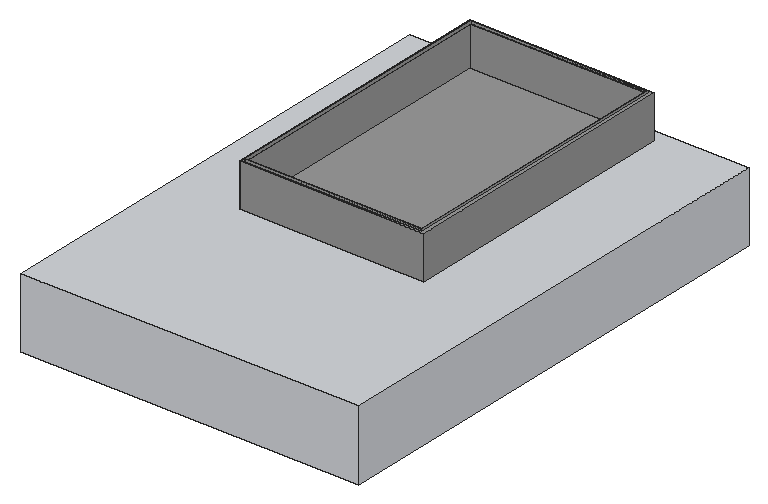
Revit family "Hager-Univers-IP30-D205-H1250-Cl.II-Encl-CH-fr", category Equipement électrique, Revit 2020
Family settings
  Hôte = Face
  Configuration du panneau = Deux colonnes, circuits au sein
  Cote de connecteur circulaire = Utiliser le diamètre
  Type d'élément = Tableau de raccordement
  Couper avec des vides une fois chargée = Non
  Partagée = Non
  Point de calcul de pièce = Non
Parameters (values of type "saillie IP30 L800 H1250 P205  - FP83Q1S")
  Width Control [instance] = if([EF000008 - largeur] > Min Width, [EF000008 - largeur], Min Width)  # 800 mm
  Commentaires du type = [HG000003 - Gamme]  # "Univers"
  Thickness Door [instance] = if([EF009171 - épaisseur de matériau de la porte/du couvercle] > 3 mm, 3 mm, [EF009171 - épaisseur de matériau de la porte/du couvercle])  # 1 mm
  Seal Frame Offset [instance] = 17 mm  # constant formula
  Plinth Visibility [instance] = [HG000027 - Hauteur du socle] > 0 mm  # no
  Model = ""
  Min Width [instance] = 100 mm  # constant formula
  Min Height [instance] = 100 mm  # constant formula
  Min Depth [instance] = (2 * [EF009170 - épaisseur de matériau du boîtier]) + 1 mm  # 3 mm
  Internal Frame Depth [instance] = (Door System Depth * 0.5)  # 9 mm
  Height Control [instance] = if([EF000040 - hauteur] > Min Height, [EF000040 - hauteur], Min Height)  # 1250 mm
  HG000027 - Hauteur du socle = 0 mm
  HG000026 - Installation au sol = no
  HG000024 - Hauteur de la section basse = 800 mm
  HG000023 - Armoire double section = no
  HG000016 - Visibilité de la porte 3D [instance] = yes
  HG000015 - Visibilité de l'emprise de la porte [instance] = no
  HG000014 - Porte à droite [instance] = yes
  HG000013 - Porte à gauche [instance] = not([HG000014 - Porte à droite])  # no
  HG000012 - Angle de pivotement de la porte [instance] = 30.00°
  HG000010 - Portes asymétriques = no
  HG000009 - Porte à double battant = no
  HG000006 - Encastré = no
  HG000004 - Référence fabricant = "FP83Q1S"
  HG000003 - Gamme = "Univers"
  HG000002 - avec porte = no
  Frame Offset Bottom [instance] = 10 mm  # constant formula
  Frame Offset [instance] = 15 mm  # constant formula
  EF015940 - couvercle avec décharge de pression = no
  EF011959 - degré de protection (NEMA) = ""
  EF009554 - nombre d'ouvertures pour plaques à bride = 6
  Fabricant = "Hager"  # constant formula
  EF009212 - finition du couvercle = "EV009916 - avec échancrure"
  EF009171 - épaisseur de matériau de la porte/du couvercle = 1 mm
  EF009170 - épaisseur de matériau du boîtier = 1 mm
  EF008873 - courant nominal (In) = 250 A
  EF007800 - adapté à un parafoudre = no
  EF006306 - avec serrure = no
  EF006244 - couvercle/porte transparent(e) = no
  EF005474 - indice de protection (IP) = "EV006410 - IP30"
  EF004464 - type de porte = "EV000494 - sans"
  EF004427 - nombre de modules = 288
  EF004293 - indice de protection contre les chocs (IK) = "EV006813 - IK07"
  EF003532 - convient pour utilisation à l’extérieur = no
  EF002950 - largeur en nombre de modules = 36
  EF001613 - maintien de fonction = "EV000494 - sans"
  EF001596 - matériau du boîtier/corps = "EV000179 - acier"
  EF001131 - profondeur intérieure = 130 mm
  EF001088 - possibilité de montage en saillie = yes
  EF000437 - nombre d'entrées de conduit = 6
  EF000339 - type de capot = "EV000494 - sans"
  EF000266 - nombre de rangées = 8
  EF000218 - profondeur d'encastrement = 0 mm
  EF000118 - avec cadre/support de montage = no
  EF000116 - numéro RAL = "9010"
  EF000049 - profondeur = 205 mm
  EF000040 - hauteur = 1250 mm
  EF000008 - largeur = 800 mm
  EF000007 - couleur = "EV000202 - blanc"
  EF000003 - mode de pose = "EV000384 - saillie"
  Door System Leaf Tolerance [instance] = 1.5 mm  # constant formula
  Door System Depth [instance] = 18 mm  # constant formula
  Door Height [instance] = Height Control - [HG000027 - Hauteur du socle]  # 1250 mm
  Depth Control [instance] = if([EF000049 - profondeur] > Min Depth, [EF000049 - profondeur], Min Depth)  # 205 mm
  Default Elevation = 0 mm
  Connector Offset [instance] = Height Control / 2  # 625 mm
  Bottom Top Plate Trim [instance] = 1.5 mm  # constant formula
  Plinth height Ctrl [instance] = if([HG000027 - Hauteur du socle] > 0 mm, [HG000027 - Hauteur du socle], 12 mm)  # 12 mm
Types (5, lengths in mm): name | Width Control | HG000004 - Référence fabricant | EF009554 - nombre d'ouvertures pour plaques à bride | EF004427 - nombre de modules | EF002950 - largeur en nombre de modules | EF000437 - nombre d'entrées de conduit | EF000008 - largeur
  saillie IP30 L1050 H1250 P205  - FP84Q1S | 1050 | "FP84Q1S" | 8 | 384 | 48 | 8 | 1050
  saillie IP30 L1300 H1250 P205  - FP85Q1S | 1300 | "FP85Q1S" | 10 | 480 | 60 | 10 | 1300
  saillie IP30 L300 H1250 P205  - FP81Q1S | 300 | "FP81Q1S" | 2 | 96 | 12 | 2 | 300
  saillie IP30 L550 H1250 P205  - FP82Q1S | 550 | "FP82Q1S" | 4 | 192 | 24 | 4 | 550
  saillie IP30 L800 H1250 P205  - FP83Q1S | 800 | "FP83Q1S" | 6 | 288 | 36 | 6 | 800
Reference planes
  plane 1 "Center (Front/Back)": y = 0
  plane 2: z = 0
  plane 3 "Center (Left/Right)": x = 0
  plane 4: z = 205
  plane 5: y = 1
  plane 6: y = 625
  plane 7: y = 0
  plane 8: y = 1250
  plane 9: z = 0
  plane 10: x = -385
  plane 11: x = 385
  plane 12: x = 384
  plane 13: x = -384
  plane 14: y = 1249
  plane 15: x = -383
  plane 16: x = -400
  plane 17: x = 383
  plane 18: x = 400
  plane 19: x = 399
  plane 20: x = -399
  plane 21: y = 11
  plane 22: y = 1250
  plane 23: y = 1234
  plane 24: z = 187
  plane 25: z = 1
  plane 26: z = 186
  plane 27: z = 204
Forms (mm)
  Extrusion 1, solid
    sketch origin (0, 0, 0) x (1, 0, 0) y (0, 1, 0)
      loop
        line (-702.964, 1305) -> (-702.964, -811.445) -> (766.763, -811.445) -> (766.763, 1305) -> (-702.964, 1305)
    from 0 to -304.8
  Extrusion 2, solid, material "Hager_Steel_RAL7035_Light_Grey", visible <- "Plinth Visibility", detail levels medium+fine
    sketch origin (0, 0, 0) x (1, 0, 0) y (0, 1, 0)
      loop
        line (-400, 0) -> (400, 0) -> (400, 12) -> (-400, 12) -> (-400, 0)
    from 0 to 187
  Extrusion 3, solid, material "Hager_Steel_RAL7035_Light_Grey", detail levels medium+fine
    sketch origin (0, 0, 0) x (1, 0, 0) y (0, 1, 0)
      loop
        line (-400, 0) -> (400, 0) -> (400, 1250) -> (-400, 1250) -> (-400, 0)
    from 0 to 187
  Extrusion 4, void
    sketch origin (0, 0, 0) x (1, 0, 0) y (0, 1, 0)
      loop
        line (-399, 1) -> (399, 1) -> (399, 1249) -> (-399, 1249) -> (-399, 1)
    from 1 to 186
  Extrusion 5, void
    sketch origin (-381.607, -4572, 187) x (0, -1, 0) y (-1, 0, 0)
      loop
        line (-4583, 2.393) -> (-5806, 2.393) -> (-5806, -765.607) -> (-4583, -765.607) -> (-4583, 2.393)
    from 0 to 1 <- "EF009170 - épaisseur de matériau du boîtier"
  Extrusion 6, solid, material "Hager_Steel_RAL7035_Light_Grey", detail levels fine
    sketch origin (0, 0, 187) x (1, 0, 0) y (0, 1, 0)
      loop
        line (-384, 1234) -> (-384, 11) -> (384, 11) -> (384, 1234) -> (-384, 1234)
      loop
        line (-385, 10) -> (385, 10) -> (385, 1235) -> (-385, 1235) -> (-385, 10)
    from 0 to 9 <- "Internal Frame Depth"
  Extrusion 7, solid, material "Hager_Steel_RAL7035_Light_Grey", detail levels coarse
    sketch origin (0, 0, 0) x (1, 0, 0) y (0, 1, 0)
      loop
        line (-400, 0) -> (400, 0) -> (400, 1250) -> (-400, 1250) -> (-400, 0)
    from 0 to 205
  Sweep 8, void
    path in 3D
      loop
        line (-400, 12, 0) -> (400, 12, 0) -> (400, 12, 187) -> (-400, 12, 187) -> (-400, 12, 0)
    profile origin (-400, 12, 93.5) x (-1, 0, 0) y (0, -1, 0)
      loop
        line (0, 0) -> (0, 1.5) -> (-1.5, 1.5)
        arc (-1.5, 1.5) -> (-1.061, 0.439) -> (0, 0) r 1.5
Cuts and joins
  Extrusion 4, Extrusion 5 cuts Extrusion 3
  Sweep 8 cuts Extrusion 2
Lines and regions (mm)
  Masking region 1
    outline origin (0, 0, 0) x (1, 0, 0) y (0, 0, 1)
      loop
        line (-400, 205) -> (-400, 0) -> (400, 0) -> (400, 205) -> (-400, 205)
  Masking region 2, detail levels medium+fine
    outline origin (0, 140, 0) x (0, 1, 0) y (0, 0, 1)
      loop
        line (-140, 0) -> (1110, 0) -> (1110, 187) -> (-140, 187) -> (-140, 0)
  Masking region 3, not visible, detail levels medium+fine
    outline origin (0, 297.922, 0) x (0, 1, 0) y (0, 0, 1)
      loop
        line (338.578, 0) -> (378.578, 0) -> (378.578, 194)
        arc (378.578, 194) -> (375.649, 201.071) -> (368.578, 204) r 10
        line (368.578, 204) -> (338.578, 204) -> (338.578, 0)
  Masking region 4, detail levels coarse
    outline origin (0, 0, 180) x (0, 1, 0) y (0, 0, 1)
      loop
        line (0, -180) -> (1250, -180) -> (1250, 25) -> (0, 25) -> (0, -180)
  Masking region 5, visible <- "Plinth Visibility", detail levels medium+fine
    outline origin (0, 52.24, 12.345) x (0, 0, -1) y (0, 1, 0)
      loop
        line (10.845, -40.24) -> (-173.155, -40.24)
        arc (-173.155, -40.24) -> (-173.594, -41.301) -> (-174.655, -41.74) r 1.5
        line (-174.655, -41.74) -> (-174.655, -52.24) -> (12.345, -52.24) -> (12.345, -41.74)
        arc (12.345, -41.74) -> (11.285, -41.301) -> (10.845, -40.24) r 1.5
  Masking region 6, detail levels medium+fine
    outline origin (-381.607, -4572, 187) x (-1, 0, 0) y (0, -1, 0)
      loop
        line (18.393, -5822) -> (18.393, -4572) -> (-781.607, -4572) -> (-781.607, -5822) -> (18.393, -5822)
  Masking region 7, visible <- "Plinth Visibility", detail levels medium+fine
    outline origin (-381.607, -4727, 187) x (-1, 0, 0) y (0, -1, 0)
      loop
        arc (16.893, -4739) -> (17.332, -4737.939) -> (18.393, -4737.5) r 1.5
        line (18.393, -4737.5) -> (18.393, -4727) -> (-781.607, -4727) -> (-781.607, -4737.5)
        arc (-781.607, -4737.5) -> (-780.546, -4737.939) -> (-780.107, -4739) r 1.5
        line (-780.107, -4739) -> (16.893, -4739)
  Masking region 8, detail levels coarse
    outline origin (-442.548, -4669.526, 187) x (-1, 0, 0) y (0, -1, 0)
      loop
        line (-42.548, -5919.526) -> (-42.548, -4669.526) -> (-842.548, -4669.526) -> (-842.548, -5919.526) -> (-42.548, -5919.526)
  sketch lines
    curve 1: line (-400, 12, 187) -> (-400, 12, 0)
    curve 2: line (400, 12, 187) -> (-400, 12, 187)
    curve 3: line (400, 12, 187) -> (400, 12, 0)
    curve 4: line (-400, 12, 0) -> (400, 12, 0)
Dimensions and locks
  "Depth Control": plane 4 to Extrusion 1
  "HG000027 - Hauteur du socle": plane 1 "Center (Front/Back)" to plane 7
  "EF009170 - épaisseur de matériau du boîtier": plane 5 to plane 7
  locked: connector elem to plane 3 "Center (Left/Right)"
  equal spacing: plane 8, plane 6, plane 7
  locked: connector elem to plane 6
  "EF009170 - épaisseur de matériau du boîtier": plane 8 to plane 14
  "EF009170 - épaisseur de matériau du boîtier": plane 10 to plane 13
  "EF009170 - épaisseur de matériau du boîtier": plane 12 to plane 11
  "Frame Offset": plane 20 to plane 13
  "Frame Offset": plane 12 to plane 19
  "EF009170 - épaisseur de matériau du boîtier": plane 16 to plane 20
  "EF009170 - épaisseur de matériau du boîtier": plane 19 to plane 18
  "Seal Frame Offset": plane 16 to plane 15
  "Seal Frame Offset": plane 17 to plane 18
  "Frame Offset Bottom": plane 21 to plane 5
  "Frame Offset": plane 14 to plane 23
  equal spacing: plane 16, plane 3 "Center (Left/Right)", plane 18
  "Width Control": plane 16 to plane 18
  "EF009170 - épaisseur de matériau du boîtier": plane 4 to plane 27
  "EF009170 - épaisseur de matériau du boîtier": plane 24 to plane 26
  "EF009170 - épaisseur de matériau du boîtier": plane 25 to level
  "Door System Depth": plane 4 to plane 24
  "Height Control": plane 1 "Center (Front/Back)" to Extrusion 7 sketch curve
  "Height Control": Masking region 4 sketch curve to plane 1 "Center (Front/Back)"
  "Height Control": plane 1 "Center (Front/Back)" to plane 22
  "Bottom Top Plate Trim": profile plane to Sweep 8 sketch curve
  "Bottom Top Plate Trim": Sweep 8 sketch curve to profile plane
  "Plinth height Ctrl": plane 1 "Center (Front/Back)" to Extrusion 2 sketch curve
  "Plinth height Ctrl": Masking region 5 sketch curve to plane 1 "Center (Front/Back)"
  "Plinth height Ctrl": plane 1 "Center (Front/Back)" to Masking region 7 sketch curve
  "Thickness Door": Extrusion 6 sketch curve to Extrusion 6 sketch curve  (x3)
  "Thickness Door": cut or joined group of Extrusion 3, Extrusion 4, Extrusion 5 to Extrusion 6 sketch curve
  radius of Masking region 3 sketch curve = 10 mm
  "Bottom Top Plate Trim": radius of Masking region 5 sketch curve  (x2)
  "Bottom Top Plate Trim": radius of Sweep 8 sketch curve
  "Bottom Top Plate Trim": radius of Masking region 7 sketch curve  (x2)
  aligned and locked: plane 2 to Extrusion 1
  aligned and locked: level to Extrusion 1
  aligned and locked: level to Masking region 1 sketch curve
  aligned and locked: Masking region 1 sketch curve to plane 18
  aligned and locked: Masking region 1 sketch curve to plane 16
  aligned and locked: plane 7 to Masking region 2 sketch curve
  aligned and locked: level to Masking region 3 sketch curve
  aligned and locked: Masking region 3 sketch curve to plane 27
  aligned and locked: level to Masking region 2 sketch curve
  aligned and locked: plane 1 "Center (Front/Back)" to Extrusion 2 sketch curve
  aligned and locked: Extrusion 3 sketch curve to plane 7
  aligned and locked: plane 16 to Extrusion 3 sketch curve
  aligned and locked: plane 18 to Extrusion 3 sketch curve
  aligned and locked: plane 20 to Extrusion 4 sketch curve
  aligned and locked: plane 19 to Extrusion 4 sketch curve
  aligned and locked: Extrusion 4 sketch curve to plane 5
  aligned and locked: Extrusion 4 to plane 25
  aligned and locked: plane 26 to Extrusion 4
  aligned and locked: plane 24 to Extrusion 3
  aligned and locked: Extrusion 5 sketch curve to plane 21
  aligned and locked: Extrusion 5 sketch curve to plane 13
  aligned and locked: Extrusion 5 sketch curve to plane 12
  aligned and locked: plane 18 to Extrusion 7 sketch curve
  aligned and locked: plane 1 "Center (Front/Back)" to Extrusion 7 sketch curve
  aligned and locked: plane 16 to Extrusion 7 sketch curve
  aligned and locked: plane 4 to Extrusion 7
  aligned and locked: Extrusion 7 to level
  aligned and locked: level to Masking region 4 sketch curve
  aligned and locked: Masking region 4 sketch curve to plane 1 "Center (Front/Back)"
  aligned and locked: Masking region 4 sketch curve to plane 4
  aligned and locked: nested 1 to level
  aligned and locked: nested 1 to plane 16
  aligned and locked: plane 8 to Extrusion 3 sketch curve
  aligned and locked: plane 23 to Extrusion 5 sketch curve
  aligned and locked: plane 14 to Extrusion 4 sketch curve
  aligned and locked: Masking region 2 sketch curve to plane 8
  aligned and locked: level to Masking region 5 sketch curve
  aligned and locked: plane 16 to Extrusion 2 sketch curve
  aligned and locked: plane 18 to Extrusion 2 sketch curve
  aligned and locked: Masking region 5 sketch curve to plane 24
  aligned and locked: Masking region 2 sketch curve to plane 24
  aligned and locked: plane 24 to Extrusion 2
  aligned and locked: profile plane to Sweep 8 sketch curve  (x2)
  aligned and locked: Masking region 6 sketch curve to plane 18
  aligned and locked: Masking region 6 sketch curve to plane 22
  aligned and locked: Masking region 6 sketch curve to plane 16
  aligned and locked: plane 8 to plane 22
  aligned and locked: Masking region 6 sketch curve to plane 7
  aligned and locked: Masking region 7 sketch curve to plane 16
  aligned and locked: Masking region 7 sketch curve to plane 1 "Center (Front/Back)"
  aligned and locked: Masking region 7 sketch curve to plane 18
  aligned and locked: Masking region 8 sketch curve to plane 1 "Center (Front/Back)"
  aligned and locked: Masking region 8 sketch curve to plane 18
  aligned and locked: Masking region 8 sketch curve to plane 22
  aligned and locked: Masking region 8 sketch curve to plane 16
  aligned and locked: nested 2 to plane 7
  aligned and locked: plane 3 "Center (Left/Right)" to nested 2
  aligned and locked: nested 2 to plane 24
  aligned and locked: Extrusion 6 sketch curve to cut or joined group of Extrusion 3, Extrusion 4, Extrusion 5  (x4)
Automatic sketch dimensions
  Extrusion 1 sketch curve to Extrusion 1 sketch curve = 1469.727 mm
  Extrusion 1 sketch curve to Extrusion 1 sketch curve = 2116.445 mm
  Masking region 1 sketch curve to plane 4 = 0 mm
  plane 6 to Masking region 3 sketch curve = 11.5 mm
  Masking region 3 sketch curve to Masking region 3 sketch curve = 30 mm
  Masking region 5 sketch curve to plane 1 "Center (Front/Back)" = 0 mm
Nested families
  nested 1: "Hager_Enclosure_Symbol" at (-400, 0, 0) x (1, 0, 0) z (0, -1, 0), Height <- "Depth Control", Width <- "Width Control", type "Hager_Enclosure_Symbol"
    with Width_Ctrl 800 mm, Width 800 mm, Height_Ctrl 205 mm, Height 205 mm, A_Width_Int 13.453 mm, A_Width 161.438 mm, A_Height_Ctrl 179.375 mm, A_Height 179.375 mm
  nested 2: "EC000058_Univers_Door" at (0, 0, 187) x (1, 0, 0) z (0, 1, 0), Leaf_Tolerance <- "Door System Leaf Tolerance", Angle <- "HG000012 - Angle de pivotement de la porte", Door_Depth <- "Door System Depth", Door_Left <- "HG000013 - Porte à gauche", Transparent <- "EF006244 - couvercle/porte transparent(e)", Assymetrical <- "HG000010 - Portes asymétriques", Width <- "Width Control", Clearance <- "HG000015 - Visibilité de l'emprise de la porte", Double <- "HG000009 - Porte à double battant", 3d_Door <- "HG000016 - Visibilité de la porte 3D", Lock_Visibility <- "EF006306 - avec serrure", Width_Ctrl <- "Width Control", Door_Right <- "HG000014 - Porte à droite", Door <- "HG000002 - avec porte", Height <- "Door Height", Thickness <- "Thickness Door", type "EC000058_Univers_Door", detail levels medium+fine
    with min_wh 3 mm, Width_Ctrl 800 mm, Width 800 mm, Transparent no, Thickness 1 mm, Seal_Material Hager_Rubber, Lock_Visibility no, Lock_Material Hager_Plastic_RAL9005_Jet_Black, Leaf_Width 800 mm, Leaf_Tolerance_External_Sides 0 mm, Leaf_Tolerance 1.5 mm, Leaf_Offset 0 mm, Leaf_Height 1247 mm, Leaf_2_Width 800 mm, Leaf_2_Offset 400 mm, Leaf_1_Width 800 mm, Leaf_1_Offset 400 mm, Height_Ctrl 1250 mm, Height 1250 mm, Glass_Material Hager_Glass, Double_Clearance_Ctrl no, Double no, Door_Right_Ctrl no, Door_Right yes, Door_Material Hager_Steel_RAL7035_Light_Grey, Door_Left_Ctrl no, Door_Left no, Door_Depth 18 mm, Door no, Clearance_Material Hager_Clearance, Clearance_Depth 800 mm, Clearance_Ctrl no, Clearance no, Assymetrical no, Angle 30.00°, 3d_Door yes
Connectors
  electrical at (0, 625, 0)
    settings: on plane 9, index 1, voltage 0 V, apparent load 0 VA, apparent load phase1 0 VA, apparent load phase2 0 VA, apparent load phase3 0 VA, power factor 1, load classification "Other", number of poles 1, system type 30, power factor state 1, is connector primary yes, connector utility no, sub classification motor no, connector description ""
Definition of nested family "Hager_Enclosure_Symbol"
  Parameters (values of type "Hager_Enclosure_Symbol")
    Width_Ctrl [instance] = if(Width > 1 mm, Width, 1 mm)  # 102.27 mm
    Width [instance] = 102.27 mm
    Height_Ctrl [instance] = if(Height > 1 mm, Height, 1 mm)  # 66.5 mm
    A_Width_Int [instance] = if(A_Width / 12 > 2 mm, A_Width / 12, 2 mm)  # 4.364 mm
    A_Width [instance] = if(A_Height_Ctrl * 0.9 > 2 mm, A_Height_Ctrl * 0.9, 2 mm)  # 52.369 mm
    A_Height_Ctrl [instance] = if(A_Height > 2 mm, A_Height, 2 mm)  # 58.188 mm
    Height [instance] = 66.5 mm
    A_Height [instance] = Height - (Height / 8)  # 58.188 mm
  Reference planes
    plane 1 "Centre (avant/arrière)": y = 0
    plane 2: z = 0
    plane 3 "Centre (gauche/droite)": x = 0
    plane 4: x = 52.369
    plane 5: y = 33.042
    plane 6: y = 41.77
    plane 7: y = 66.5
    plane 8: x = 26.184
    plane 9: y = 37.406
    plane 10: x = 102.27
    plane 11: y = 66.5
    plane 12: y = 8.313
  Lines and regions (mm)
    Filled region 1, type "Solid_Black", in view "Niveau de réf."
      outline origin (0, 0, 0) x (1, 0, 0) y (0, 1, 0)
        loop
          line (52.369, 66.5) -> (33.188, 54.536) -> (45.365, 45.006) -> (52.369, 66.5)
    Filled region 2, type "Solid_Black", in view "Niveau de réf."
      outline origin (0, 0, 0) x (1, 0, 0) y (0, 1, 0)
        loop
          line (0, 0) -> (102.27, 0) -> (102.27, 66.5) -> (0, 0)
    detail lines, in view "Niveau de réf."
      curve 1: line (0, 8.313, 0) -> (26.184, 41.77, 0)
      curve 2: line (26.184, 41.77, 0) -> (26.184, 33.042, 0)
      curve 3: line (26.184, 33.042, 0) -> (52.369, 66.5, 0)
  Dimensions and locks
    "A_Width": plane 3 "Centre (gauche/droite)" to plane 4
    equal spacing: plane 3 "Centre (gauche/droite)", plane 8, plane 4
    equal spacing: plane 6, plane 9, plane 5
    equal spacing: curve 3, Filled region 1 sketch curve, Filled region 1 sketch curve
    "Height_Ctrl": plane 1 "Centre (avant/arrière)" to plane 11
    "A_Height_Ctrl": plane 11 to plane 12
    equal spacing: plane 11, plane 9, plane 12
    "A_Width_Int": plane 6 to plane 9
    "Width_Ctrl": plane 3 "Centre (gauche/droite)" to plane 10
    angle Filled region 1 sketch curve to curve 3 = 20.00°
    angle curve 3 to Filled region 1 sketch curve = 20.00°
    locked: curve 3 to Filled region 1 sketch curve (angle 90.00°)
    aligned and locked: plane 10 to Filled region 2
    aligned and locked: plane 11 to Filled region 2 sketch curve
    aligned and locked: plane 10 to Filled region 2 sketch curve
    aligned and locked: plane 3 "Centre (gauche/droite)" to curve 1
    aligned and locked: plane 12 to curve 1
    aligned and locked: plane 7 to plane 11
  Automatic sketch dimensions
    Filled region 1 sketch curve to plane 4 = 0 mm
    Filled region 1 sketch curve to plane 7 = 0 mm
    plane 1 "Centre (avant/arrière)" to Filled region 2 sketch curve = 0 mm
    Filled region 2 sketch curve to plane 3 "Centre (gauche/droite)" = 0 mm
    curve 2 to plane 6 = 0 mm
    curve 2 to plane 8 = 0 mm
    curve 3 to plane 4 = 0 mm
    curve 2 to plane 5 = 0 mm
    curve 3 to plane 7 = 0 mm
Definition of nested family "EC000058_Univers_Door"
  Parameters (values of type "EC000058_Univers_Door")
    min_wh [instance] = (2 * Thickness) + 1 mm  # 11 mm
    Width_Ctrl [instance] = 400 mm
    Width [instance] = 500 mm
    Transparent [instance] = yes
    Thickness [instance] = 5 mm
    Seal_Material [instance] = none
    Lock_Visibility [instance] = yes
    Lock_Material [instance] = none
    Leaf_Width [instance] = if((Width_Ctrl - 2 * Leaf_Tolerance_External_Sides) > 0 mm, (Width_Ctrl - 2 * Leaf_Tolerance_External_Sides), min_wh)  # 400 mm
    Leaf_Tolerance_External_Sides [instance] = 0 mm  # constant formula
    Leaf_Tolerance [instance] = 1.5 mm
    Leaf_Offset [instance] = 0 mm  # constant formula
    Leaf_Height [instance] = if((Height_Ctrl - 2 * Leaf_Tolerance) > 0 mm, (Height_Ctrl - 2 * Leaf_Tolerance), min_wh)  # 497 mm
    Leaf_2_Width [instance] = if(and(and(Double, Assymetrical), Door_Left), (Leaf_Width / 3) - (Leaf_Tolerance / 2), if(and(and(Double, Assymetrical), Door_Right), (Leaf_Width / 3) * 2 - (Leaf_Tolerance / 2), if(and(Double, not(Assymetrical)), (Leaf_Width / 2) - Leaf_Tolerance, Leaf_Width)))  # 400 mm
    Leaf_2_Offset [instance] = if(and(Double, Assymetrical), Leaf_2_Width / 2, if(and(Double, not(Assymetrical)), Leaf_Width / 4, Leaf_Width / 2))  # 200 mm
    Leaf_1_Width [instance] = if(and(and(Double, Assymetrical), Door_Right), (Leaf_Width / 3) - (Leaf_Tolerance / 2), if(and(and(Double, Assymetrical), Door_Left), (Width / 3) * 2 - (Leaf_Tolerance / 2), if(and(Double, not(Assymetrical)), (Leaf_Width / 2) - Leaf_Tolerance, Leaf_Width)))  # 400 mm
    Leaf_1_Offset [instance] = if(and(Double, Assymetrical), Leaf_1_Width / 2, if(and(Double, not(Assymetrical)), Leaf_Width / 4, Leaf_Width / 2))  # 200 mm
    Height_Ctrl [instance] = if(Height > min_wh, Height, min_wh)  # 500 mm
    Height [instance] = 500 mm
    Glass_Material [instance] = none
    Double_Clearance_Ctrl [instance] = and(Double, Clearance)  # no
    Double [instance] = no
    Door_Right_Ctrl [instance] = and(or(Door_Right, Double), Door)  # yes
    Door_Right [instance] = yes
    Door_Material [instance] = none
    Door_Left_Ctrl [instance] = and(or(Door_Left, Double), Door)  # no
    Door_Left [instance] = no
    Door_Depth [instance] = 30 mm
    Door [instance] = yes
    Default Elevation = 1219.2 mm
    Clearance_Material [instance] = none
    Clearance_Depth [instance] = if(Leaf_1_Width > Leaf_2_Width, Leaf_1_Width, Leaf_2_Width)  # 400 mm
    Clearance_Ctrl [instance] = and(not(Double), Clearance)  # yes
    Clearance [instance] = yes
    Assymetrical [instance] = yes
    Angle [instance] = 30.00°
    3d_Door [instance] = yes
  Reference planes
    plane 1 "Center (Front/Back)": y = 0
    plane 2 "Bottom": z = 0
    plane 3 "Center (Left/Right)": x = 0
    plane 4: z = 500
    plane 5: x = -200
    plane 6: x = 200
    plane 7: z = 500
    plane 8: x = -200
    plane 9: z = 0
    plane 10: x = 200
    plane 11: y = 0
    plane 12: z = 1.5
    plane 13: x = -600
    plane 14: y = -400
    plane 15: x = 600
    plane 16: x = 0
    plane 17: x = 0
    plane 18: x = -200
    plane 19: x = 200
    plane 20: z = 498.5
  Forms (mm)
    Extrusion 1, solid, material <- "Clearance_Material", visible <- "Double_Clearance_Ctrl"
      sketch origin (1200, 0, 0) x (1, 0, 0) y (0, 0, -1)
        loop
          line (-1800, -498.5) -> (-600, -498.5) -> (-600, 0) -> (-1800, 0) -> (-1800, -498.5)
      from 0 to -400
  Dimensions and locks
    equal spacing: plane 5, plane 3 "Center (Left/Right)", plane 6
    "Width_Ctrl": plane 5 to plane 6
    "Leaf_Offset": plane 5 to plane 8
    "Leaf_Offset": plane 6 to plane 10
    "Leaf_Offset": plane 9 to level
    "Leaf_Offset": plane 4 to plane 7
    "Height_Ctrl": plane 4 to level
    "Leaf_Tolerance": plane 12 to plane 9
    locked: plane 11 to plane 1 "Center (Front/Back)"
    "Leaf_1_Offset": plane 18 to plane 16
    "Leaf_2_Offset": plane 17 to plane 19
    "Leaf_1_Width": plane 13 to plane 8
    "Leaf_2_Width": plane 10 to plane 15
    "Clearance_Depth": plane 14 to plane 1 "Center (Front/Back)"
    "Leaf_Tolerance_External_Sides": plane 8 to plane 18
    "Leaf_Tolerance_External_Sides": plane 19 to plane 10
    "Leaf_Tolerance": plane 7 to plane 20
    aligned and locked: level to plane 2 "Bottom"
    aligned and locked: nested 1 to plane 16
    aligned and locked: nested 2 to plane 17
    aligned and locked: Extrusion 1 to plane 13
    aligned and locked: plane 15 to Extrusion 1
    aligned and locked: Extrusion 1 to plane 14
    aligned and locked: plane 12 to nested 1
    aligned and locked: nested 2 to plane 12
    aligned and locked: Extrusion 1 to plane 11
    aligned and locked: plane 20 to Extrusion 1
    aligned and locked: nested 2 to plane 11
    aligned and locked: nested 1 to plane 11
  Automatic sketch dimensions
    Extrusion 1 sketch curve to level = 0 mm
    plane 5 to Extrusion 1 sketch curve = 400 mm
    plane 6 to Extrusion 1 sketch curve = 400 mm
    Extrusion 1 sketch curve to plane 4 = 1.5 mm
  Nested families
    nested 1: "EC000058_Univers_Door_Leaf" at (0, 0, 1.5), Width <- "Leaf_1_Width", visible <- "Door_Left_Ctrl", Leaf_Height <- "Leaf_Height", Angle <- "Angle", 3d_Door <- "3d_Door", Transparent <- "Transparent", Clearance Material <- "Clearance_Material", Clearance <- "Clearance_Ctrl", Door_Material <- "Door_Material", Glass_Material <- "Glass_Material", Door_Depth <- "Door_Depth", Lock_Material <- "Lock_Material", Seal_Material <- "Seal_Material", Lock_Visibility <- "Lock_Visibility", Thickness <- "Thickness", type "EC000058_Univers_Door_Leaf"
      with Width 400 mm, Transparent_Glass_Offset 30 mm, Transparent_Ctrl yes, Transparent yes, Thickness 5 mm, Standard no, Seal_Material none, Seal_D2 8 mm, Seal_D1 1 mm, Offset_Internal_Frame 10 mm, Lock_Width 20 mm, Lock_Visibility_3d yes, Lock_Visibility yes, Lock_Thickness_3 3 mm, Lock_Thickness_2 1 mm, Lock_Thickness_1 3 mm, Lock_Radius_Offset_2 16 mm, Lock_Radius_Offset_1 15 mm, Lock_Radius_2 5 mm, Lock_Radius 6 mm, Lock_Offset 5 mm, Lock_Material none, Lock_Height 80 mm, Lock_Cover_Top_Offset_2d 17 mm, Lock_Cover_Height -65 mm, Leaf_Height 497 mm, Internal_Seal_Thickness 8 mm, Internal_Seal_Depth_2 4.5 mm, Internal_Frame_Depth 25 mm, Glass_Thickness -1 mm, Glass_Offset -2 mm, Glass_Material none, Door_Material none, Door_Depth 30 mm, Clearance Material none, Clearance yes, Angle_Ctrl 30.00°, Angle 30.00°, 3d_Door yes
    nested 2: "EC000058_Univers_Door_Leaf" at (0, 0, 1.5) x (-1, 0, 0) z (0, 0, 1), Width <- "Leaf_2_Width", visible <- "Door_Right_Ctrl", Leaf_Height <- "Leaf_Height", Angle <- "Angle", 3d_Door <- "3d_Door", Transparent <- "Transparent", Clearance Material <- "Clearance_Material", Clearance <- "Clearance_Ctrl", Door_Material <- "Door_Material", Glass_Material <- "Glass_Material", Door_Depth <- "Door_Depth", Lock_Material <- "Lock_Material", Seal_Material <- "Seal_Material", Lock_Visibility <- "Lock_Visibility", Thickness <- "Thickness", type "EC000058_Univers_Door_Leaf"
      with Width 400 mm, Transparent_Glass_Offset 30 mm, Transparent_Ctrl yes, Transparent yes, Thickness 5 mm, Standard no, Seal_Material none, Seal_D2 8 mm, Seal_D1 1 mm, Offset_Internal_Frame 10 mm, Lock_Width 20 mm, Lock_Visibility_3d yes, Lock_Visibility yes, Lock_Thickness_3 3 mm, Lock_Thickness_2 1 mm, Lock_Thickness_1 3 mm, Lock_Radius_Offset_2 16 mm, Lock_Radius_Offset_1 15 mm, Lock_Radius_2 5 mm, Lock_Radius 6 mm, Lock_Offset 5 mm, Lock_Material none, Lock_Height 80 mm, Lock_Cover_Top_Offset_2d 17 mm, Lock_Cover_Height -65 mm, Leaf_Height 497 mm, Internal_Seal_Thickness 8 mm, Internal_Seal_Depth_2 4.5 mm, Internal_Frame_Depth 25 mm, Glass_Thickness -1 mm, Glass_Offset -2 mm, Glass_Material none, Door_Material none, Door_Depth 30 mm, Clearance Material none, Clearance yes, Angle_Ctrl 30.00°, Angle 30.00°, 3d_Door yes
  Definition of nested family "EC000058_Univers_Door_Leaf"
    Parameters (values of type "EC000058_Univers_Door_Leaf")
      Width [instance] = 2000 mm
      Transparent_Glass_Offset [instance] = 30 mm
      Transparent_Ctrl [instance] = and(Transparent, [3d_Door])  # yes
      Transparent [instance] = yes
      Thickness [instance] = 5 mm
      Standard [instance] = and(not(Transparent), [3d_Door])  # no
      Seal_Material [instance] = none
      Seal_D2 [instance] = 8 mm  # constant formula
      Seal_D1 [instance] = 1 mm  # constant formula
      Offset_Internal_Frame [instance] = 10 mm  # constant formula
      Lock_Width [instance] = 20 mm  # constant formula
      Lock_Visibility_3d [instance] = and(Lock_Visibility, [3d_Door])  # yes
      Lock_Visibility [instance] = yes
      Lock_Thickness_3 [instance] = 3 mm  # constant formula
      Lock_Thickness_2 [instance] = 1 mm  # constant formula
      Lock_Thickness_1 [instance] = 3 mm  # constant formula
      Lock_Radius_Offset_2 [instance] = Lock_Radius_Offset_1 + 1 mm  # 16 mm
      Lock_Radius_Offset_1 [instance] = 15 mm  # constant formula
      Lock_Radius_2 [instance] = Lock_Radius - 1 mm  # 5 mm
      Lock_Radius [instance] = 6 mm  # constant formula
      Lock_Offset [instance] = 5 mm  # constant formula
      Lock_Material [instance] = none
      Lock_Height [instance] = 80 mm  # constant formula
      Lock_Cover_Top_Offset_2d [instance] = Lock_Radius_Offset_2 + 1 mm  # 17 mm
      Lock_Cover_Height [instance] = -(Lock_Height - Lock_Radius_Offset_1)  # -65 mm
      Leaf_Height [instance] = 2720.336 mm
      Internal_Seal_Thickness [instance] = 8 mm  # constant formula
      Internal_Seal_Depth_2 [instance] = 4.5 mm  # constant formula
      Internal_Frame_Depth [instance] = if(Door_Depth - Thickness > 5 mm, Door_Depth - Thickness, 5 mm)  # 25 mm
      Glass_Thickness [instance] = if(Thickness > 15 mm, Glass_Offset + 10 mm, -1 mm)  # -1 mm
      Glass_Offset [instance] = if(Thickness > 15 mm, -(Thickness + 10 mm) / 2, -2 mm)  # -2 mm
      Glass_Material [instance] = none
      Door_Material [instance] = none
      Door_Depth [instance] = 30 mm
      Default Elevation = 0 mm
      Clearance Material [instance] = none
      Clearance [instance] = yes
      Angle_Ctrl [instance] = if(Angle > 180.00°, 180.00°, Angle)  # 90.00°
      Angle [instance] = 90.00°
      3d_Door [instance] = yes
    Reference planes
      plane 1 "Center (Front/Back)": y = 0
      plane 2: z = 0
      plane 3 "Center (Left/Right)": x = 0
      plane 4: y = 2000
      plane 5: x = -1000
      plane 6: x = 1000
      plane 7: x = -3000
      plane 8: z = 2720.336
      plane 9: z = 30
      plane 10: z = 2690.336
      plane 11: x = 970
      plane 12: x = -970
      plane 13: y = -3
      plane 14: z = 107.833
      plane 15: y = -5
      plane 16: y = -223.314
      plane 17: x = -1000
      plane 18: z = 1360.168
      plane 19: y = 30
    Forms (mm)
      Extrusion 1, solid, material <- "Clearance Material", visible <- "Clearance"
        sketch origin (0, 0, 0) x (1, 0, 0) y (0, 0, 1)
          loop
            line (-3000, 2720.336) -> (-3000, 0) -> (1000, 0) -> (1000, 2720.336) -> (-3000, 2720.336)
        from 0 to -2000
      Extrusion 2, solid, material <- "Door_Material", visible <- "Standard", detail levels medium+fine
        sketch origin (-1000, 0, 0) x (0, 1, 0) y (-1, 0, 0)
          loop
            line (0, 30) -> (0, 25) -> (2000, 25) -> (2000, 30) -> (0, 30)
        from 0 to 2720.336 <- "Leaf_Height"
      Extrusion 3, solid, material <- "Door_Material", visible <- "Transparent_Ctrl", detail levels medium+fine
        sketch origin (-1000, 0, 0) x (0, 1, 0) y (-1, 0, 0)
          loop
            line (0, 25) -> (2000, 25) -> (2000, 30) -> (0, 30) -> (0, 25)
        from 0 to 2720.336 <- "Leaf_Height"
      Extrusion 4, void
        sketch origin (-1025, 2000, 0) x (0, 1, 0) y (0, 0, -1)
          loop
            line (-30, -2690.336) -> (-30, -30) -> (-1970, -30) -> (-1970, -2690.336) -> (-30, -2690.336)
        from 0 to 5 <- "Thickness"
      Sweep 5, solid, material <- "Seal_Material", visible <- "Transparent_Ctrl", detail levels fine
        path in 3D
          loop
            line (-1025, 30, 30) -> (-1025, 30, 2690.336) -> (-1025, 1970, 2690.336) -> (-1025, 1970, 30) -> (-1025, 30, 30)
        profile origin (-1025, 1000, 30) x (1, 0, 0) y (0, 0, 1)
          loop
            line (0, 0) -> (0, -8) -> (1, -8) -> (1, 0) -> (0, 0)
      Extrusion 6, solid, material <- "Glass_Material", visible <- "Transparent_Ctrl", detail levels medium+fine
        sketch origin (-1030, 0, 0) x (0, 1, 0) y (0, 0, -1)
          loop
            line (1970, -2690.336) -> (1970, -30) -> (30, -30) -> (30, -2690.336) -> (1970, -2690.336)
        from -2 <- "Glass_Offset" to -1 <- "Glass_Thickness"
      Extrusion 7, solid, material <- "Door_Material", visible <- "3d_Door", detail levels medium+fine
        sketch origin (-1025, 2000, 0) x (0, -1, 0) y (0, 0, -1)
          loop
            line (0, -2720.336) -> (2000, -2720.336) -> (2000, 0) -> (0, 0) -> (0, -2720.336)
          loop
            line (1995, -5) -> (5, -5) -> (5, -2715.336) -> (1995, -2715.336) -> (1995, -5)
        from 0 to 25 <- "Internal_Frame_Depth"
      Sweep 8, solid, material <- "Seal_Material", visible <- "Transparent_Ctrl", detail levels fine
        path in 3D
          loop
            line (-1025, 0, 0) -> (-1025, 2000, 0) -> (-1025, 2000, 2720.336) -> (-1025, 0, 2720.336) -> (-1025, 0, 0)
        profile origin (-1025, 0, 1360.168) x (1, 0, 0) y (0, 1, 0)
          loop
            line (0, 10) -> (2.975, 10)
            arc (2.975, 10) -> (4.053, 10.447) -> (4.5, 11.525) r 1.525
            line (4.5, 11.525) -> (4.5, 16.527)
            arc (4.5, 16.527) -> (4.069, 17.569) -> (3.027, 18) r 1.473
            line (3.027, 18) -> (0, 18) -> (0, 10)
      Extrusion 9, solid, material <- "Lock_Material", visible <- "Lock_Visibility_3d", detail levels fine
        sketch origin (-1030, 0, 0) x (0, 1, 0) y (0, 0, -1)
          loop
            arc (1993.5, -1400.168) -> (1994.561, -1399.729) -> (1995, -1398.668) r 1.5
            line (1995, -1398.668) -> (1995, -1320.168) -> (1975, -1320.168) -> (1975, -1398.668)
            arc (1975, -1398.668) -> (1975.439, -1399.729) -> (1976.5, -1400.168) r 1.5
            line (1976.5, -1400.168) -> (1993.5, -1400.168)
        from 3 <- "Lock_Thickness_1" to 0
      Blend 10, solid, material <- "Lock_Material", visible <- "Lock_Visibility_3d", detail levels fine
        base sketch origin (-1033, 0, 0) x (0, 1, 0) y (0, 0, -1)
          loop
            line (1975, -1320.168) -> (1975, -1398.668)
            arc (1975, -1398.668) -> (1975.439, -1399.729) -> (1976.5, -1400.168) r 1.5
            line (1976.5, -1400.168) -> (1993.5, -1400.168)
            arc (1993.5, -1400.168) -> (1994.561, -1399.729) -> (1995, -1398.668) r 1.5
            line (1995, -1398.668) -> (1995, -1320.168) -> (1975, -1320.168)
        top sketch origin (-1033, 0, 0) x (0, 1, 0) y (0, 0, -1)
          loop
            line (1976, -1320.168) -> (1976, -1398.668)
            arc (1976, -1398.668) -> (1976.146, -1399.022) -> (1976.5, -1399.168) r 0.5
            line (1976.5, -1399.168) -> (1993.5, -1399.168)
            arc (1993.5, -1399.168) -> (1993.854, -1399.022) -> (1994, -1398.668) r 0.5
            line (1994, -1398.668) -> (1994, -1320.168) -> (1976, -1320.168)
        from 0 to 1 <- "Lock_Thickness_2"
      Blend 11, solid, material <- "Lock_Material", visible <- "Lock_Visibility_3d", detail levels fine
        base sketch origin (-1034, 0, 0) x (0, 1, 0) y (0, 0, -1)
          loop
            line (1978, -1320.168) -> (1978, -1384.168)
            arc (1978, -1384.168) -> (1985, -1391.168) -> (1992, -1384.168) r 7
            line (1992, -1384.168) -> (1992, -1320.168) -> (1978, -1320.168)
        top sketch origin (-1034, 0, 0) x (0, 1, 0) y (0, 0, -1)
          loop
            line (1991, -1320.168) -> (1979, -1320.168) -> (1979, -1383.168)
            arc (1979, -1383.168) -> (1985, -1389.168) -> (1991, -1383.168) r 6
            line (1991, -1383.168) -> (1991, -1320.168)
        from 0 to 3 <- "Lock_Thickness_3"
      Extrusion 12, solid, material <- "Lock_Material", visible <- "Lock_Visibility_3d", detail levels fine
        sketch origin (-1030, 1975, 1320.168) x (1, 0, 0) y (0, -1, 0)
          loop
            line (-7, -19) -> (-7, -1) -> (0, -1) -> (0, 0) -> (-8, 0) -> (-8, -20) -> (0, -20) -> (0, -19) -> (-7, -19)
        from 0 to -65 <- "Lock_Cover_Height"
      Extrusion 13, void
        sketch origin (-1038, 1995, 1320.168) x (-1, 0, 0) y (0, 0, -1)
          loop
            line (-5, -65) -> (0, -65) -> (-5, -60) -> (-5, -65)
        from 0 to 20 <- "Lock_Width"
      Extrusion 14, void
        sketch origin (-1038, 1975, 1320.168) x (0, -1, 0) y (0, 0, -1)
          loop
            circle (-10, -15.995) r 6
          loop
            circle (-10, -15.995) r 5
        from 0 to 2
      Extrusion 15, solid, material <- "Lock_Material", visible <- "Lock_Visibility_3d", detail levels medium
        sketch origin (-1030, 0, 0) x (0, 1, 0) y (0, 0, -1)
          loop
            arc (1993.5, -1400.168) -> (1994.561, -1399.729) -> (1995, -1398.668) r 1.5
            line (1995, -1398.668) -> (1995, -1320.168) -> (1975, -1320.168) -> (1975, -1398.668)
            arc (1975, -1398.668) -> (1975.439, -1399.729) -> (1976.5, -1400.168) r 1.5
            line (1976.5, -1400.168) -> (1993.5, -1400.168)
        from 8 to 0
    Cuts and joins
      Extrusion 4 cuts Extrusion 3
      Extrusion 13, Extrusion 14 cuts Extrusion 9
      Extrusion 14 cuts Blend 11
      Extrusion 13, Extrusion 14 cuts Extrusion 12
      joined: Extrusion 9, Blend 10, Blend 11, Extrusion 12
      Extrusion 14 cuts Extrusion 15
    Lines and regions (mm)
      Masking region 1, visible <- "Lock_Visibility", detail levels fine
        outline origin (0, 0, 0) x (0, 1, 0) y (0, 0, 1)
          loop
            line (30, 1320.168) -> (33, 1320.168) -> (33, 1400.168) -> (30, 1400.168) -> (30, 1320.168)
      Masking region 2, visible <- "Lock_Visibility", detail levels fine
        outline origin (0, 3.143, 0) x (0, 1, 0) y (0, 0, 1)
          loop
            line (29.857, 1354.168) -> (30.857, 1354.168) -> (30.857, 1366.168) -> (29.857, 1366.168) -> (29.857, 1354.168)
      Masking region 3, detail levels medium+fine
        outline origin (0, 0, 0) x (0, 1, 0) y (0, 0, 1)
          loop
            line (0, 0) -> (30, 0) -> (30, 2720.336) -> (0, 2720.336) -> (0, 0)
      Masking region 4, detail levels medium+fine
        outline origin (0, 0, 0) x (1, 0, 0) y (0, 0, 1)
          loop
            line (-1000, 2720.336) -> (-1000, 0) -> (1000, 0) -> (1000, 2720.336) -> (-1000, 2720.336)
      Masking region 5, visible <- "Lock_Visibility", detail levels fine
        outline origin (-47.116, 0, 0) x (1, 0, 0) y (0, 0, 1)
          loop
            arc (1024.616, 1399.168) -> (1023.556, 1398.729) -> (1023.116, 1397.668) r 1.5
            line (1023.116, 1397.668) -> (1023.116, 1320.168) -> (1041.116, 1320.168) -> (1041.116, 1397.668)
            arc (1041.116, 1397.668) -> (1040.677, 1398.729) -> (1039.616, 1399.168) r 1.5
            line (1039.616, 1399.168) -> (1024.616, 1399.168)
      Masking region 6, visible <- "Lock_Visibility", detail levels medium+fine
        outline origin (-25, 0, 0) x (1, 0, 0) y (0, 0, 1)
          loop
            arc (1001.5, 1400.168) -> (1000.439, 1399.729) -> (1000, 1398.668) r 1.5
            line (1000, 1398.668) -> (1000, 1320.168) -> (1020, 1320.168) -> (1020, 1398.668)
            arc (1020, 1398.668) -> (1019.561, 1399.729) -> (1018.5, 1400.168) r 1.5
            line (1018.5, 1400.168) -> (1001.5, 1400.168)
      Masking region 7, visible <- "Lock_Visibility", detail levels fine
        outline origin (-73.735, 0, 0) x (1, 0, 0) y (0, 0, 1)
          loop
            line (1051.735, 1382.168) -> (1065.735, 1382.168) -> (1065.735, 1384.168)
            arc (1065.735, 1384.168) -> (1058.735, 1391.168) -> (1051.735, 1384.168) r 7
            line (1051.735, 1384.168) -> (1051.735, 1382.168)
      Masking region 8, visible <- "Lock_Visibility", detail levels fine
        outline origin (-73.735, 0, 0) x (1, 0, 0) y (0, 0, 1)
          loop
            line (1052.735, 1382.168) -> (1064.735, 1382.168) -> (1064.735, 1383.168)
            arc (1064.735, 1383.168) -> (1058.735, 1389.168) -> (1052.735, 1383.168) r 6
            line (1052.735, 1383.168) -> (1052.735, 1382.168)
      Masking region 9, visible <- "Lock_Visibility", detail levels fine
        outline origin (-25, 0, 0) x (1, 0, 0) y (0, 0, 1)
          loop
            line (1020, 1320.168) -> (1020, 1382.168) -> (1000, 1382.168) -> (1000, 1320.168) -> (1020, 1320.168)
      Masking region 10, detail levels medium+fine
        outline origin (0, 0, 0) x (1, 0, 0) y (0, 0, 1)
          loop
            circle (985, 1335.144) r 6
      Masking region 11, detail levels fine
        outline origin (0, 0, 0) x (1, 0, 0) y (0, 0, 1)
          loop
            circle (985, 1335.144) r 5
      Masking region 12, visible <- "Lock_Visibility", detail levels fine
        outline origin (0, 12.767, 0) x (0, 1, 0) y (0, 0, 1)
          loop
            line (20.233, 1320.168) -> (21.233, 1320.168) -> (21.233, 1399.168) -> (20.233, 1400.168) -> (20.233, 1320.168)
      Masking region 13, visible <- "Lock_Visibility", detail levels fine
        outline origin (0, 13.767, -10) x (0, 1, 0) y (0, 0, 1)
          loop
            line (20.233, 1330.168) -> (23.233, 1330.168) -> (23.233, 1399.168) -> (20.233, 1402.168) -> (20.233, 1330.168)
      Masking region 14, visible <- "Lock_Visibility", detail levels fine
        outline origin (0, 12.767, -10) x (0, 1, 0) y (0, 0, 1)
          loop
            line (20.233, 1330.168) -> (25.233, 1330.168) -> (25.233, 1399.305) -> (20.233, 1394.305) -> (20.233, 1330.168)
      Masking region 15, visible <- "Lock_Visibility", detail levels medium
        outline origin (0, 0, 0) x (0, 1, 0) y (0, 0, 1)
          loop
            line (30, 1320.168) -> (38, 1320.168) -> (38, 1400.168) -> (30, 1400.168) -> (30, 1320.168)
      Masking region 16, visible <- "Lock_Visibility", detail levels fine
        outline origin (-1000, 0, 0) x (0, 1, 0) y (-1, 0, 0)
          loop
            line (1975, 30) -> (1995, 30) -> (1995, 38) -> (1975, 38) -> (1975, 30)
          loop
            line (1979, 37) -> (1976, 37) -> (1976, 34) -> (1978, 34) -> (1979, 37)
          loop
            line (1994, 37) -> (1991, 37) -> (1992, 34) -> (1994, 34) -> (1994, 37)
      Masking region 17, visible <- "Lock_Visibility", detail levels medium
        outline origin (-1000, 0, 0) x (0, 1, 0) y (-1, 0, 0)
          loop
            line (1975, 30) -> (1995, 30) -> (1995, 38) -> (1975, 38) -> (1975, 30)
      symbolic lines
        curve 1: line (1000, 0, 0) -> (-3000, 0, 0)
        curve 2: arc (1000, 0, 0) -> (-1000, 2000, 0) -> (-3000, 0, 0) r 2000
        curve 4: line (-1030, 0, 0) -> (-1030, 2000, 0)
      reference lines
        curve 3: line (-1000, 0, 0) -> (-1000, 2000, 0)
      symbolic lines, detail levels medium+fine
        curve 5: line (-1030, 2000, 0) -> (-1025, 2000, 0)
        curve 7: line (-1025, 0, 0) -> (-1030, 0, 0)
        curve 8: line (-1025, 0, 0) -> (-1000, 0, 0)
        curve 9: line (-1000, 0, 0) -> (-1000, 2000, 0)
        curve 10: line (-1000, 2000, 0) -> (-1025, 2000, 0)
      symbolic lines, detail levels fine
        curve 6: line (-1025, 2000, 0) -> (-1025, 0, 0)
      sketch lines
        curve 11: line (-1025, 0, 2720.336) -> (-1025, 0, 0)
        curve 12: line (-1025, 2000, 0) -> (-1025, 0, 0)
        curve 13: line (-1025, 2000, 2720.336) -> (-1025, 2000, 0)
        curve 14: line (-1025, 0, 2720.336) -> (-1025, 2000, 2720.336)
        curve 15: line (-1025, 1970, 30) -> (-1025, 30, 30)
        curve 16: line (-1025, 30, 30) -> (-1025, 30, 2690.336)
        curve 17: line (-1025, 1970, 2690.336) -> (-1025, 1970, 30)
        curve 18: line (-1025, 30, 2690.336) -> (-1025, 1970, 2690.336)
      symbolic lines, visible <- "Transparent", detail levels medium+fine
        curve 19: line (-970, 0, 2690.336) -> (970, 0, 2690.336)
        curve 20: line (-970, 0, 30) -> (-970, 0, 2690.336)
        curve 21: line (970, 0, 30) -> (-970, 0, 30)
        curve 22: line (970, 0, 2690.336) -> (970, 0, 30)
    Dimensions and locks
      "Width": plane 1 "Center (Front/Back)" to plane 4
      equal spacing: plane 5, plane 3 "Center (Left/Right)", plane 6
      "Width": plane 5 to plane 6
      "Width": plane 7 to plane 5
      "Leaf_Height": plane 8 to level
      "Width": curve 5 to curve 3
      "Width": curve 3 to curve 3
      plane 8 to plane 10 = 30 mm
      plane 9 to level = 30 mm
      plane 12 to plane 5 = 30 mm
      plane 6 to plane 11 = 30 mm
      Extrusion 1 to Extrusion 4 sketch curve = 30 mm
      "Transparent_Glass_Offset": curve 3 to Extrusion 4 sketch curve
      "Transparent_Glass_Offset": Extrusion 4 sketch curve to cut or joined group of Extrusion 3, Extrusion 4  (x2)
      cut or joined group of Extrusion 3, Extrusion 4 to Extrusion 6 sketch curve = 30 mm
      "Transparent_Glass_Offset": cut or joined group of Extrusion 3, Extrusion 4 to Extrusion 4 sketch curve
      "Thickness": curve 6 to curve 4
      "Thickness": Extrusion 7 sketch curve to Extrusion 7 sketch curve  (x4)
      "Door_Depth": curve 4 to curve 3
      "Offset_Internal_Frame": profile plane to Sweep 8 sketch curve
      "Internal_Seal_Thickness": Sweep 8 sketch curve to Sweep 8 sketch curve
      "Internal_Seal_Depth_2": profile plane to Sweep 8 sketch curve
      "Seal_D1": profile plane to Sweep 5 sketch curve
      "Seal_D2": profile plane to Sweep 5 sketch curve
      "Thickness": Extrusion 2 sketch curve to Extrusion 2 sketch curve
      equal spacing: Extrusion 9 sketch curve, plane 18, Extrusion 9 sketch curve  (x2)
      equal spacing: Masking region 1 sketch curve, plane 18, Masking region 1 sketch curve
      "Lock_Height": Masking region 1 sketch curve to Masking region 1 sketch curve
      "Lock_Radius": Masking region 2 sketch curve to plane 18 to Masking region 2 sketch curve
      Masking region 2 sketch curve to Masking region 1 = 1 mm
      "Door_Depth": plane 19 to plane 1 "Center (Front/Back)"
      "Lock_Thickness_1": Masking region 1 sketch curve to plane 19
      "Lock_Width": Extrusion 9 sketch curve to Extrusion 9 sketch curve
      "Lock_Height": Extrusion 9 sketch curve to Extrusion 9 sketch curve
      "Lock_Offset": cut or joined group of Extrusion 3, Extrusion 4 to Extrusion 9 sketch curve
      equal spacing: plane 8, plane 18, level
      "Lock_Radius_Offset_1": Blend 11 sketch curve to Blend 10
      locked: Blend 10 to Blend 11 sketch curve at 2  (x2)
      locked: var sketch to Blend 11 sketch curve at 1  (x2)
      "Lock_Radius_Offset_2": Blend 11 sketch curve to Blend 10
      locked: Extrusion 12 sketch curve to Extrusion 12 sketch curve at 1  (x3)
      Masking region 6 sketch curve to Masking region 6 sketch curve = 80 mm
      "Lock_Height": Masking region 6 sketch curve to Masking region 6 sketch curve
      "Lock_Width": Masking region 6 sketch curve to Masking region 6 sketch curve
      locked: Masking region 6 to Masking region 5 sketch curve at 1  (x3)
      locked: Masking region 5 to Masking region 7 sketch curve at 2  (x2)
      "Lock_Radius_Offset_1": Masking region 5 to Masking region 7 sketch curve
      "Lock_Radius_Offset_2": Masking region 5 to Masking region 8 sketch curve
      locked: Masking region 7 to Masking region 8 sketch curve at 1  (x2)
      "Lock_Cover_Top_Offset_2d": Masking region 5 to Masking region 9 sketch curve
      equal spacing: Masking region 9, Masking region 10 sketch curve, Masking region 9
      equal spacing: Masking region 9, Masking region 11 sketch curve, Masking region 9
      Extrusion 15 sketch curve to Extrusion 15 sketch curve = 80 mm
      "Lock_Width": Extrusion 15 sketch curve to Extrusion 15 sketch curve
      "Lock_Height": Extrusion 15 sketch curve to Extrusion 15 sketch curve
      equal spacing: Extrusion 15 sketch curve, plane 18, Extrusion 15 sketch curve
      "Lock_Thickness_3": Masking region 13 sketch curve to Masking region 13 sketch curve
      "Lock_Height": Masking region 12 sketch curve to Masking region 12 sketch curve
      locked: Masking region 13 sketch curve to Masking region 1 at 8
      locked: Masking region 14 sketch curve to Masking region 13 at 1
      locked: Masking region 14 sketch curve to Masking region 1 at 10.863
      "Lock_Height": Masking region 15 sketch curve to Masking region 15 sketch curve
      "Lock_Offset": Extrusion 15 sketch curve to cut or joined group of Extrusion 3, Extrusion 4
      "Lock_Offset": plane 6 to Masking region 6 sketch curve
      radius of Sweep 8 sketch curve = 1.525 mm
      radius of Sweep 8 sketch curve = 1.473 mm
      radius of Extrusion 9 sketch curve = 1.5 mm  (x2)
      "Lock_Radius": radius of Extrusion 14 sketch curve
      "Lock_Radius_2": radius of Extrusion 14 sketch curve
      "Lock_Radius": radius of Masking region 10 sketch curve
      "Lock_Radius_2": radius of Masking region 11 sketch curve
      radius of Extrusion 15 sketch curve = 1.5 mm  (x2)
      "Angle_Ctrl": angle plane 1 "Center (Front/Back)" to curve 3
      locked: Masking region 12 sketch curve to Masking region 12 sketch curve (angle 45.00°)
      locked: Masking region 13 sketch curve to Masking region 13 sketch curve (angle 45.00°)
      locked: Masking region 14 sketch curve to Masking region 14 sketch curve (angle 45.00°)
      aligned and locked: level to plane 2
      aligned and locked: Extrusion 1 to curve 1
      aligned and locked: plane 6 to Extrusion 1
      aligned and locked: Extrusion 1 to plane 1 "Center (Front/Back)"
      aligned and locked: plane 4 to Extrusion 1
      aligned and locked: plane 8 to Extrusion 1
      aligned and locked: curve 7 to Extrusion 2 sketch curve
      aligned and locked: curve 5 to Extrusion 2 sketch curve
      aligned and locked: curve 7 to Extrusion 3 sketch curve
      aligned and locked: Extrusion 3 sketch curve to curve 4
      aligned and locked: Extrusion 3 sketch curve to curve 6
      aligned and locked: Extrusion 3 sketch curve to curve 5
      aligned and locked: curve 9 to curve 3
      aligned and locked: Extrusion 7 sketch curve to cut or joined group of Extrusion 3, Extrusion 4  (x4)
      aligned and locked: plane 17 to curve 3
      aligned and locked: plane 1 "Center (Front/Back)" to curve 3
      aligned and locked: plane 17 to plane 5
      aligned and locked: Sweep 8 sketch curve to profile plane
      aligned and locked: Sweep 5 sketch curve to profile plane  (x2)
      aligned and locked: Masking region 1 to Masking region 2 sketch curve
      aligned and locked: plane 19 to Masking region 1 sketch curve
      aligned and locked: plane 1 "Center (Front/Back)" to Masking region 3 sketch curve
      aligned and locked: plane 19 to Masking region 3 sketch curve
      aligned and locked: level to Masking region 3 sketch curve
      aligned and locked: Masking region 3 sketch curve to plane 8
      aligned and locked: plane 17 to Masking region 4 sketch curve
      aligned and locked: level to Masking region 4 sketch curve
      aligned and locked: Masking region 4 sketch curve to plane 8
      aligned and locked: plane 12 to curve 20
      aligned and locked: plane 10 to curve 19
      aligned and locked: plane 11 to curve 22
      aligned and locked: curve 21 to plane 9
      aligned and locked: Extrusion 2 sketch curve to cut or joined group of Extrusion 3, Extrusion 4
      aligned and locked: Blend 10 sketch curve to Extrusion 9  (x4)
      aligned and locked: Extrusion 9 to Blend 10 sketch curve
      aligned and locked: Blend 10 to Blend 11 sketch curve
      aligned and locked: Extrusion 12 sketch curve to Blend 11
      aligned and locked: Extrusion 12 sketch curve to Extrusion 9  (x4)
      aligned and locked: Masking region 5 sketch curve to Masking region 6
      aligned and locked: Masking region 9 sketch curve to Masking region 6  (x3)
      aligned and locked: Masking region 12 sketch curve to Masking region 1
      aligned and locked: Masking region 13 sketch curve to Masking region 1
      aligned and locked: Masking region 12 to Masking region 14
      aligned and locked: Masking region 14 sketch curve to Masking region 1
      aligned and locked: Masking region 15 sketch curve to Masking region 14
      aligned and locked: Masking region 13 sketch curve to Masking region 12
      aligned and locked: Masking region 16 sketch curve to cut or joined group of Extrusion 14, Extrusion 15  (x4)
      aligned and locked: Masking region 16 sketch curve to cut or joined group of Extrusion 9, Blend 10, Blend 11, Extrusion 12, Extrusion 13, Extrusion 14  (x6)
      aligned and locked: cut or joined group of Extrusion 9, Blend 10, Blend 11, Extrusion 12, Extrusion 13, Extrusion 14 to Masking region 16 sketch curve
      aligned and locked: Masking region 17 sketch curve to cut or joined group of Extrusion 14, Extrusion 15  (x3)
      aligned and locked: Masking region 17 sketch curve to cut or joined group of Extrusion 9, Blend 10, Blend 11, Extrusion 12, Extrusion 13, Extrusion 14
      aligned and locked: Masking region 9 to Masking region 8 sketch curve
      aligned and locked: Masking region 9 to Masking region 7 sketch curve
    Automatic sketch dimensions
      plane 1 "Center (Front/Back)" to curve 2 = 0 mm
      curve 2 to plane 5 = 0 mm
      Extrusion 1 sketch curve to level = 0 mm
      Extrusion 1 sketch curve to plane 7 = 0 mm
      Extrusion 1 sketch curve to plane 6 = 0 mm
      Extrusion 1 sketch curve to plane 8 = 0 mm
      Extrusion 3 to Extrusion 6 sketch curve = 30 mm  (x4)
      Masking region 4 sketch curve to plane 6 = 0 mm
      Blend 10 sketch curve to Extrusion 9 = 1.5 mm
      Blend 10 sketch curve to Extrusion 9 = 1 mm
      Extrusion 13 sketch curve to Extrusion 12 = 0 mm  (x2)
      Extrusion 12 to Extrusion 13 sketch curve = 3 mm
      Extrusion 13 sketch curve to Extrusion 12 = 5 mm
      Extrusion 14 sketch curve to Extrusion 14 sketch curve = 0 mm  (x2)
      Extrusion 14 sketch curve to Extrusion 12 = 10 mm
      Extrusion 14 sketch curve to Extrusion 12 = 15.995 mm
      Masking region 5 sketch curve to Masking region 5 sketch curve = 1.5 mm  (x2)
      Masking region 10 sketch curve to plane 18 = 25.024 mm
      Masking region 11 sketch curve to plane 18 = 25.024 mm
      plane 19 to Masking region 14 sketch curve = 3 mm
      Masking region 16 sketch curve to Masking region 16 sketch curve = 3 mm
      curve 4 to curve 3 = 0 mm
      Blend 10 to Blend 11 sketch curve = 0 mm
      Masking region 6 sketch curve to Masking region 6 sketch curve = 1.5 mm  (x2)
      Masking region 6 sketch curve to plane 18 = 40 mm
      plane 19 to Masking region 12 sketch curve = 3 mm
      Masking region 12 sketch curve to Masking region 12 sketch curve = 1 mm
      Masking region 15 sketch curve to plane 19 = 0 mm
      Masking region 15 sketch curve to plane 18 = 40 mm
      radius of Blend 10 sketch curve to Extrusion 9 = 1 mm
